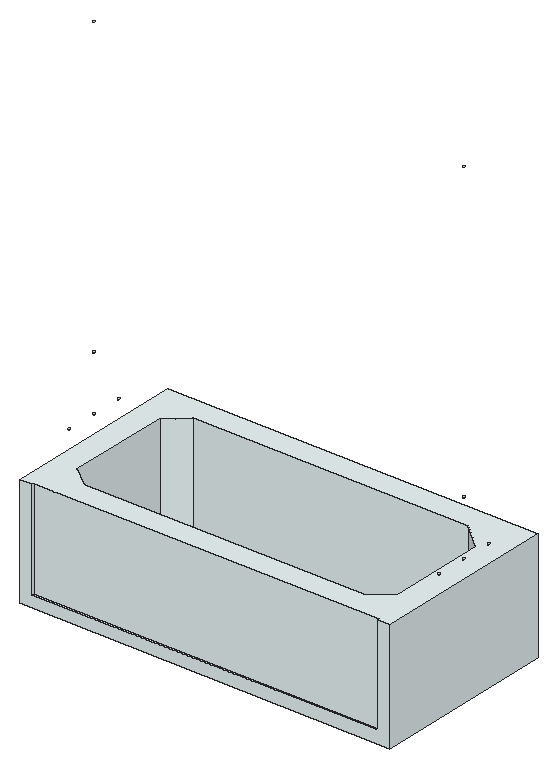
Revit family "Bathtub", category Plumbing Fixtures, Revit 2026
Family settings
  Round Connector Dimension = Use Diameter
  Part Type = Normal
  Classification Number = 23.45.05.14.21
  Work Plane-Based = Yes
  Enable Cutting in Views = No
  Always vertical = Yes
  Cut with Voids When Loaded = No
  Maintain Annotation Orientation = No
  Shared = Yes
  Room Calculation Point = No
Parameters
  Waste Connection = yes
  Warranty Duration (Years) = 10
  Vent Connection = no
  Tub Spout Height = 1' - 9"
  Test Data = ""
  Specification = "http://www.arcat.com/divs/sec/sec15410.shtml"
  Shower Head Height [instance] = 6' - 6"
  Sales Information = ""
  Right Handed [instance] = yes
  Rad A = Width * 0.38229  # 0' - 11 15/32"
  Product Properties = "http://www.arcat.com/bim/bim_info.pl?fn=Bathtub"
  Product Data = "http://www.arcat.com/divs/sec/sec15410.shtml"
  Perimeter = 0' - 4"
  Model = "Generic"  # constant formula
  Material - Bath Fittings = ARCAT - Fiberglass
  Manufacturer Website = "http://www.arcat.com/"
  Manufacturer Phone - Toll Free = ""
  Manufacturer Phone = "(203) 929-9444"  # constant formula
  Manufacturer Fax = "(203) 939-2444"  # constant formula
  Manufacturer Email = "bim@arcat.com"  # constant formula
  Manufacturer Address = "1077 Bridgeport Ave, Shelton, CT  06484"  # constant formula
  Manufacturer = "Generic"  # constant formula
  Maintenance Schedule (Months) = 12
  Length = 5' - 0"
  Keynote = "15410"
  Description = "Bathtub"
  Connections - Supply [instance] = Plumbing-Connector : Sweat-Sweat -C-C 050
  Left Handed [instance] = yes
  Installation_Fabrication = ""
  Installation Phase = ""
  Tub Depth = 1' - 6"
  HW Connection = yes
  Green Building - LEED = "http://www.arcat.com/green/green_building.shtml"
  Finish - Bath Fixtures = ARCAT - Metal - Brass
  Finish - Bath Fittings = ARCAT - Enamel Coating - Azure
  Expected Lifespan (Years) = 20
  Drawn By = "Robert S. Weygant. CSI, CDT, SCIP"  # constant formula
  Connections - Drain [instance] = Plumbing-Connector : Weld-Weld -PVC-PVC 150
  Width = 2' - 6"
  Default Elevation = 4' - 0"
  Copyright = "2008, ARCAT, Inc."  # constant formula
  Control Height = 2' - 6"
  Construction Details = "http://www.arcat.com/divs/sec/sec15410.shtml"
  CW Connection = yes
  Building Codes = ""
  Assembly Code = "D2010510"
Reference planes (in)
  plane 1 "Center": y = 2
  plane 2: z = 0
  plane 3 "Center (Left/Right)": x = 0
  plane 4: y = 17
  plane 5: y = -13
  plane 6 "Left Hand": x = -30
  plane 7 "Right Hand": x = 30
  plane 8: z = 18
  plane 9: y = 0
  plane 10: x = 0
  plane 11: y = 17
  plane 12: y = -17
  plane 13: y = -2.875
  plane 14: y = 0
  plane 15: x = 0
  plane 16: y = 17
  plane 17: y = -17
  plane 18: y = -2.875
  plane 19: z = 78
  plane 20: z = 30
  plane 21: z = 21
  plane 22 "Drain Level": z = 2
  plane 23: x = -16
  plane 24: x = 16
Forms (in)
  Extrusion 1, void
    sketch origin (-28.00513, 0, 0) x (0, 1, 0) y (0, 0, 1)
      loop
        line (-13, 1.71157) -> (-12.75, 1.71157) -> (-12.75, 18) -> (-13, 18) -> (-13, 1.71157)
    from 0 to 56.00513
  Blend 2, void, not visible
    base sketch origin (0, -17, 4) x (1, 0, 0) y (0, 1, 0)
      loop
        arc (-8.24317, 23.42872) -> (-13.64996, 24.34644) -> (-18.73267, 22.28691) r 10.04249
        arc (-18.73267, 22.28691) -> (-21.45427, 14.125) -> (-18.73267, 5.96309) r 13.59934
        arc (-18.73267, 5.96309) -> (-13.64996, 3.90356) -> (-8.24317, 4.82128) r 10.04249
        arc (-8.24317, 4.82128) -> (0, 5.93578) -> (8.24317, 4.82128) r 31.04162
        arc (8.24317, 4.82128) -> (13.64996, 3.90356) -> (18.73267, 5.96309) r 10.04249
        arc (18.73267, 5.96309) -> (21.45427, 14.125) -> (18.73267, 22.28691) r 13.59934
        arc (18.73267, 22.28691) -> (13.64996, 24.34644) -> (8.24317, 23.42872) r 10.04249
        arc (8.24317, 23.42872) -> (0, 22.31422) -> (-8.24317, 23.42872) r 31.04162
    top sketch origin (0, -17, 4) x (1, 0, 0) y (0, 1, 0)
      loop
        arc (-20.23064, 4.6286) -> (-14.2197, 1.96946) -> (-7.71207, 2.89309) r 11.94417
        arc (-7.71207, 2.89309) -> (0, 3.93578) -> (7.71207, 2.89309) r 29.04162
        arc (7.71207, 2.89309) -> (14.2197, 1.96946) -> (20.23064, 4.6286) r 11.94417
        arc (20.23064, 4.6286) -> (23.45341, 14.125) -> (20.23064, 23.6214) r 15.6027
        arc (20.23064, 23.6214) -> (14.2197, 26.28054) -> (7.71207, 25.35691) r 11.94417
        arc (7.71207, 25.35691) -> (0, 24.31422) -> (-7.71207, 25.35691) r 29.04162
        arc (-7.71207, 25.35691) -> (-14.2197, 26.28054) -> (-20.23064, 23.6214) r 11.94417
        arc (-20.23064, 23.6214) -> (-23.45341, 14.125) -> (-20.23064, 4.6286) r 15.6027
    from 0 to 13
  Blend 3, void, not visible
    base sketch origin (0, -17, 4) x (1, 0, 0) y (0, 1, 0)
      loop
        arc (-8.24317, 23.42872) -> (-13.64996, 24.34644) -> (-18.73267, 22.28691) r 10.04249
        arc (-18.73267, 22.28691) -> (-21.45427, 14.125) -> (-18.73267, 5.96309) r 13.59934
        arc (-18.73267, 5.96309) -> (-13.64996, 3.90356) -> (-8.24317, 4.82128) r 10.04249
        arc (-8.24317, 4.82128) -> (0, 5.93578) -> (8.24317, 4.82128) r 31.04162
        arc (8.24317, 4.82128) -> (13.64996, 3.90356) -> (18.73267, 5.96309) r 10.04249
        arc (18.73267, 5.96309) -> (21.45427, 14.125) -> (18.73267, 22.28691) r 13.59934
        arc (18.73267, 22.28691) -> (13.64996, 24.34644) -> (8.24317, 23.42872) r 10.04249
        arc (8.24317, 23.42872) -> (0, 22.31422) -> (-8.24317, 23.42872) r 31.04162
    top sketch origin (0, -17, 4) x (1, 0, 0) y (0, 1, 0)
      loop
        arc (-20.23064, 4.6286) -> (-14.2197, 1.96946) -> (-7.71207, 2.89309) r 11.94417
        arc (-7.71207, 2.89309) -> (0, 3.93578) -> (7.71207, 2.89309) r 29.04162
        arc (7.71207, 2.89309) -> (14.2197, 1.96946) -> (20.23064, 4.6286) r 11.94417
        arc (20.23064, 4.6286) -> (23.45341, 14.125) -> (20.23064, 23.6214) r 15.6027
        arc (20.23064, 23.6214) -> (14.2197, 26.28054) -> (7.71207, 25.35691) r 11.94417
        arc (7.71207, 25.35691) -> (0, 24.31422) -> (-7.71207, 25.35691) r 29.04162
        arc (-7.71207, 25.35691) -> (-14.2197, 26.28054) -> (-20.23064, 23.6214) r 11.94417
        arc (-20.23064, 23.6214) -> (-23.45341, 14.125) -> (-20.23064, 4.6286) r 15.6027
    from 0 to 13
  Extrusion 4, solid, material "ARCAT - Enamel Coating - Azure" <- "Finish - Bath Fittings"
    sketch origin (0, 0, 0) x (1, 0, 0) y (0, 1, 0)
      loop
        line (-30, 17) -> (-30, -13) -> (30, -13) -> (30, 17) -> (-30, 17)
      loop
        line (-22.82179, 13) -> (-26, 10.42634) -> (-26, -6.41187) -> (-22.80393, -9) -> (22.80393, -9) -> (26, -6.41187) -> (26, 9.48326) -> (21.86086, 13) -> (-22.82179, 13)
    from 0 to 18
  Extrusion 5, solid, material "ARCAT - Enamel Coating - Azure" <- "Finish - Bath Fittings"
    sketch origin (0, 0, 0) x (1, 0, 0) y (0, 1, 0)
      loop
        line (-30, 17) -> (-30, -13) -> (30, -13) -> (30, 17) -> (-30, 17)
    from 0 to 2
Cuts and joins
  Extrusion 1 cuts Extrusion 4
  joined: Extrusion 4, Extrusion 5
Dimensions and locks (in)
  "Length": plane 6 "Left Hand" to plane 7 "Right Hand"
  equal spacing: plane 6 "Left Hand", plane 3 "Center (Left/Right)", plane 7 "Right Hand"
  "Tub Depth": plane 8 to level
  "Width": plane 4 to plane 5
  "Shower Head Height": plane 19 to level
  "Control Height": plane 20 to level
  "Tub Spout Height": plane 21 to level
  equal spacing: plane 4, plane 1 "Center", plane 5
  locked: plane 23 to plane 6 "Left Hand" at 14
  locked: plane 7 "Right Hand" to plane 24 at 14
  equal spacing: nested 10, plane 1 "Center", nested 9, locked at 5 each
  equal spacing: nested 11, plane 1 "Center", nested 12, locked at 5 each
  "Perimeter": cut or joined group of Extrusion 1, Extrusion 4, Extrusion 5 to cut or joined group of Extrusion 1, Extrusion 4, Extrusion 5  (x4)
  aligned and locked: Extrusion 4 sketch curve to plane 4
  aligned and locked: Extrusion 4 sketch curve to plane 6 "Left Hand"
  aligned and locked: Extrusion 4 sketch curve to plane 7 "Right Hand"
  aligned and locked: Extrusion 4 sketch curve to plane 5
  aligned and locked: Extrusion 5 sketch curve to plane 4
  aligned and locked: Extrusion 5 sketch curve to plane 6 "Left Hand"
  aligned and locked: Extrusion 5 sketch curve to plane 5
  aligned and locked: Extrusion 5 sketch curve to plane 7 "Right Hand"
  aligned and locked: nested 3 to plane 21
  aligned and locked: plane 1 "Center" to nested 3
  aligned and locked: nested 2 to plane 20
  aligned and locked: plane 1 "Center" to nested 2
  aligned and locked: nested 1 to plane 19
  aligned and locked: plane 1 "Center" to nested 1
  aligned and locked: nested 6 to plane 19
  aligned and locked: plane 1 "Center" to nested 6
  aligned and locked: nested 5 to plane 20
  aligned and locked: plane 1 "Center" to nested 5
  aligned and locked: nested 4 to plane 21
  aligned and locked: plane 1 "Center" to nested 4
  aligned and locked: plane 22 "Drain Level" to cut or joined group of Extrusion 1, Extrusion 4, Extrusion 5
  aligned and locked: plane 22 "Drain Level" to nested 7
  aligned and locked: plane 23 to nested 7
  aligned and locked: plane 24 to nested 8
  aligned and locked: plane 22 "Drain Level" to nested 8
  aligned and locked: nested 9 to plane 21
  aligned and locked: nested 10 to plane 21
  aligned and locked: nested 12 to plane 21
  aligned and locked: nested 11 to plane 21
  aligned and locked: plane 8 to cut or joined group of Extrusion 1, Extrusion 4, Extrusion 5  (x2)
Automatic sketch dimensions
  Blend 2 sketch curve to Blend 2 sketch curve = 0' - 4.7083"  (x2)
  Blend 2 sketch curve to Blend 2 sketch curve = 0' - 0"  (x4)
  Blend 2 sketch curve to Blend 2 sketch curve = 0' - 6.16944"  (x4)
  Blend 2 sketch curve to Blend 2 sketch curve = 0' - 4.32006"
  Blend 2 sketch curve to Blend 2 sketch curve = 0' - 4.7288"  (x2)
  Blend 2 sketch curve to Blend 2 sketch curve = 0' - 8.39983"
  Blend 2 sketch curve to Blend 2 sketch curve = 0' - 7.65113"  (x2)
  Blend 2 sketch curve to Blend 2 sketch curve = 0' - 0.38824"  (x3)
  Blend 2 sketch curve to Blend 2 sketch curve = 0' - 8.24317"  (x2)
  Blend 2 sketch curve to Blend 2 sketch curve = 1' - 3.70986"
  Blend 2 sketch curve to Blend 2 sketch curve = 2' - 5.92712"  (x2)
  Blend 2 sketch curve to Blend 2 sketch curve = 0' - 1.14181"  (x2)
  Blend 2 sketch curve to Blend 2 sketch curve = 0' - 0.23792"  (x2)
  Blend 2 sketch curve to plane 13 = 0' - 0"  (x2)
  Blend 2 sketch curve to plane 13 = 0' - 9.4964"  (x2)
  plane 13 to Blend 2 sketch curve = 0' - 9.4964"  (x2)
  Blend 2 sketch curve to Blend 2 sketch curve = 0' - 0.13864"  (x3)
  Blend 2 sketch curve to Blend 2 sketch curve = 0' - 7.71207"  (x2)
  Blend 2 sketch curve to Blend 2 sketch curve = 1' - 3.42413"  (x2)
  Blend 2 sketch curve to plane 13 = 0' - 11.23191"
  Blend 2 sketch curve to Blend 2 sketch curve = 2' - 3.99893"  (x2)
  plane 13 to Blend 2 sketch curve = 0' - 0.32452"
  Blend 3 sketch curve to Blend 3 sketch curve = 0' - 4.7083"  (x2)
  Blend 3 sketch curve to Blend 3 sketch curve = 0' - 0"  (x4)
  Blend 3 sketch curve to Blend 3 sketch curve = 0' - 6.16944"  (x4)
  Blend 3 sketch curve to Blend 3 sketch curve = 0' - 4.32006"
  Blend 3 sketch curve to Blend 3 sketch curve = 0' - 4.7288"  (x2)
  Blend 3 sketch curve to Blend 3 sketch curve = 0' - 8.39983"
  Blend 3 sketch curve to Blend 3 sketch curve = 0' - 7.65113"  (x2)
  Blend 3 sketch curve to Blend 3 sketch curve = 0' - 0.38824"  (x3)
  Blend 3 sketch curve to Blend 3 sketch curve = 0' - 8.24317"  (x2)
  Blend 3 sketch curve to Blend 3 sketch curve = 1' - 3.70986"
  Blend 3 sketch curve to Blend 3 sketch curve = 2' - 5.92712"  (x2)
  Blend 3 sketch curve to Blend 3 sketch curve = 0' - 1.14181"  (x2)
  Blend 3 sketch curve to Blend 3 sketch curve = 0' - 0.23792"  (x2)
  Blend 3 sketch curve to plane 18 = 0' - 0"  (x2)
  Blend 3 sketch curve to plane 18 = 0' - 9.4964"  (x2)
  plane 18 to Blend 3 sketch curve = 0' - 9.4964"  (x2)
  Blend 3 sketch curve to Blend 3 sketch curve = 0' - 0.13864"  (x3)
  Blend 3 sketch curve to Blend 3 sketch curve = 0' - 7.71207"  (x2)
  Blend 3 sketch curve to Blend 3 sketch curve = 1' - 3.42413"  (x2)
  Blend 3 sketch curve to plane 18 = 0' - 11.23191"
  Blend 3 sketch curve to Blend 3 sketch curve = 2' - 3.99893"  (x2)
  plane 18 to Blend 3 sketch curve = 0' - 0.32452"
  Extrusion 1 sketch curve to plane 5 = 0' - 0"
  plane 5 to Extrusion 1 sketch curve = 0' - 0 1/4"
  level to Extrusion 1 sketch curve = 0' - 1.71157"
  Extrusion 1 sketch curve to Extrusion 1 sketch curve = 1' - 4.28843"
  plane 6 "Left Hand" to Extrusion 4 sketch curve = 0' - 4"
  Extrusion 4 sketch curve to Extrusion 4 sketch curve = 0' - 3.17821"
  Extrusion 4 sketch curve to Extrusion 4 sketch curve = 0' - 3.19607"  (x2)
  plane 5 to Extrusion 4 sketch curve = 0' - 4"
  Extrusion 4 sketch curve to Extrusion 4 sketch curve = 0' - 2.58813"  (x2)
  Extrusion 4 sketch curve to plane 1 "Center" = 0' - 8.42634"
  Extrusion 4 sketch curve to plane 1 "Center" = 0' - 7.48326"
  Extrusion 4 sketch curve to Extrusion 4 sketch curve = 0' - 2.57366"
  plane 24 to Extrusion 4 sketch curve = 0' - 6.80393"
  plane 24 to Extrusion 4 sketch curve = 0' - 5.86086"
Nested families (in)
  nested 1: "Plumbing-Connector" at (-29.5, 3.5, 79.92656) x (0, -1, 0) z (0, 0, 1), type <- "Connections - Supply", visible <- "Left Handed", type "Sweat-Sweat -C-C 050"
  nested 2: "Plumbing-Connector" at (-29.5, 3.5, 31.92656) x (0, -1, 0) z (0, 0, 1), type <- "Connections - Supply", visible <- "Left Handed", type "Sweat-Sweat -C-C 050"
  nested 3: "Plumbing-Connector" at (-29.5, 3.5, 22.92656) x (0, -1, 0) z (0, 0, 1), type <- "Connections - Supply", visible <- "Left Handed", type "Sweat-Sweat -C-C 050"
  nested 4: "Plumbing-Connector" at (30.5, 3.5, 22.92656) x (0, -1, 0) z (0, 0, 1), visible <- "Right Handed", type <- "Connections - Supply", type "Sweat-Sweat -C-C 050"
  nested 5: "Plumbing-Connector" at (30.5, 3.5, 31.92656) x (0, -1, 0) z (0, 0, 1), visible <- "Right Handed", type <- "Connections - Supply", type "Sweat-Sweat -C-C 050"
  nested 6: "Plumbing-Connector" at (30.5, 3.5, 79.92656) x (0, -1, 0) z (0, 0, 1), visible <- "Right Handed", type <- "Connections - Supply", type "Sweat-Sweat -C-C 050"
  nested 7: "Plumbing-Connector" at (-17.5, 2.5, 3.92656), type <- "Connections - Drain", visible <- "Left Handed", type "Weld-Weld -PVC-PVC 150"
  nested 8: "Plumbing-Connector" at (14.5, 2.5, 3.92656), type <- "Connections - Drain", visible <- "Right Handed", type "Weld-Weld -PVC-PVC 150"
  nested 9: "Plumbing-Connector" at (-29.5, -1.5, 22.92656) x (0, -1, 0) z (0, 0, 1), type <- "Connections - Supply", visible <- "HW Connection", type "Sweat-Sweat -C-C 050"
  nested 10: "Plumbing-Connector" at (-29.5, 8.5, 22.92656) x (0, -1, 0) z (0, 0, 1), type <- "Connections - Supply", visible <- "CW Connection", type "Sweat-Sweat -C-C 050"
  nested 11: "Plumbing-Connector" at (30.5, 8.5, 22.92656) x (0, -1, 0) z (0, 0, 1), type <- "Connections - Supply", visible <- "HW Connection", type "Sweat-Sweat -C-C 050"
  nested 12: "Plumbing-Connector" at (30.5, -1.5, 22.92656) x (0, -1, 0) z (0, 0, 1), type <- "Connections - Supply", visible <- "CW Connection", type "Sweat-Sweat -C-C 050"
Definition of nested family "Plumbing-Connector"
  Parameters
    Waste Connection = no
    Warranty Duration (Years) = 0
    Vent Connection = no
    Type Comments = "Plumbing Connection"
    Test Data = ""
    Specification = "http://www.arcat.com/divs/sec/sec15000.shtml"
    Sales Information = ""
    Product Properties = "http://www.arcat.com/bim/bim_info.pl?fn=Plumbing-Connector"
    Product Data = "http://www.arcat.com/divs/sec/sec15000.shtml"
    Pipe Diameter [instance] = 0' - 4"
    Outlet Material [instance] = none
    Outlet Connection [instance] = "Crimp"
    Model = "Generic"  # constant formula
    Mixing Valve = no
    Manufacturer Website = "http://www.arcat.com/"
    Manufacturer Phone - Toll Free = ""
    Manufacturer Phone = "(203) 929-9444"  # constant formula
    Manufacturer Fax = "(203) 939-2444"  # constant formula
    Manufacturer Email = "bim@arcat.com"  # constant formula
    Manufacturer Address = "1077 Bridgeport Ave, Shelton, CT  06484"  # constant formula
    Manufacturer = "Generic"  # constant formula
    Maintenance Schedule (Months) = 0
    Keynote = "15000"
    Installation_Fabricaton = ""
    Installation Phase = ""
    Inlet Material [instance] = none
    Inlet Connection [instance] = "Threaded"
    HW Connection = no
    Green Building-LEED = "http://www.arcat.com/green/green_building.shtml"
    Expected Lifespan (Years) = 0
    Drawn By = "Robert S. Weygant. CSI, CDT, SCIP"  # constant formula
    Description = ""
    Default Elevation = 4' - 0"
    Copyright = "2008, ARCAT, Inc."  # constant formula
    Construction Details = "http://www.arcat.com/divs/sec/sec15000.shtml"
    CW Connection = yes
    Building Codes = ""
    Assembly Code = "D2090900"
  Reference planes (in)
    plane 1 "Center (TB)": z = -1.92656
    plane 2 "Center (Left/Right)": x = 1.5
    plane 3 "Center (FB)": y = -0.5
    plane 4: x = -0.5
    plane 5: x = 3.5
    plane 6: y = 1.5
    plane 7: y = -2.5
    plane 8: z = 0.07344
    plane 9: z = -3.92656
  Forms (in)
    Revolve 1, solid
      sketch origin (0, 0, -1.92656) x (1, 0, 0) y (0, 1, 0)
        loop
          line (1.5, -0.375) -> (1.5, -0.625)
          arc (1.5, -0.625) -> (1.625, -0.5) -> (1.5, -0.375) r 0.125
        axis (1.5, -0.375) -> (1.5, -0.625)
      angle from 0 to 360
  Lines and regions (in)
    model lines, not visible
      curve 1: line (0, 0.5, 0) -> (0, -0.5, 0)
      curve 2: line (-0.5, 0, 0) -> (0.5, 0, 0)
    model lines, visible <- "CW Connection"
      curve 3: line (1.5, -0.5, -3.92656) -> (1.5, -0.5, 0.07344)
      curve 8: line (-0.5, -0.5, -1.92656) -> (3.5, -0.5, -1.92656)
      curve 13: line (1.5, 1.5, -1.92656) -> (1.5, -2.5, -1.92656)
    model lines, visible <- "Waste Connection"
      curve 4: line (1.5, -0.5, -3.92656) -> (1.5, -0.5, 0.07344)
      curve 9: line (-0.5, -0.5, -1.92656) -> (3.5, -0.5, -1.92656)
      curve 14: line (1.5, 1.5, -1.92656) -> (1.5, -2.5, -1.92656)
    model lines, visible <- "HW Connection"
      curve 5: line (1.5, -0.5, -3.92656) -> (1.5, -0.5, 0.07344)
      curve 10: line (-0.5, -0.5, -1.92656) -> (3.5, -0.5, -1.92656)
      curve 15: line (1.5, 1.5, -1.92656) -> (1.5, -2.5, -1.92656)
    model lines, visible <- "Mixing Valve"
      curve 6: line (1.5, -0.5, -3.92656) -> (1.5, -0.5, 0.07344)
      curve 11: line (-0.5, -0.5, -1.92656) -> (3.5, -0.5, -1.92656)
      curve 16: line (1.5, 1.5, -1.92656) -> (1.5, -2.5, -1.92656)
    model lines, visible <- "Vent Connection"
      curve 7: line (1.5, -0.5, -3.92656) -> (1.5, -0.5, 0.07344)
      curve 12: line (-0.5, -0.5, -1.92656) -> (3.5, -0.5, -1.92656)
      curve 17: line (1.5, 1.5, -1.92656) -> (1.5, -2.5, -1.92656)
  Dimensions and locks (in)
    equal spacing: plane 4, plane 2 "Center (Left/Right)", plane 5
    equal spacing: plane 6, plane 3 "Center (FB)", plane 7
    "Pipe Diameter": plane 4 to plane 5
    "Pipe Diameter": plane 6 to plane 7
    equal spacing: plane 8, plane 1 "Center (TB)", plane 9
    "Pipe Diameter": plane 8 to plane 9
    aligned and locked: plane 9 to curve 3
    aligned and locked: plane 2 "Center (Left/Right)" to curve 3
    aligned and locked: plane 8 to curve 3
    aligned and locked: plane 2 "Center (Left/Right)" to curve 4
    aligned and locked: plane 2 "Center (Left/Right)" to curve 5
    aligned and locked: plane 2 "Center (Left/Right)" to curve 6
    aligned and locked: plane 2 "Center (Left/Right)" to curve 7
    aligned and locked: plane 4 to curve 8
    aligned and locked: plane 5 to curve 8
    aligned and locked: plane 3 "Center (FB)" to curve 8
    aligned and locked: plane 3 "Center (FB)" to curve 9
    aligned and locked: plane 3 "Center (FB)" to curve 10
    aligned and locked: plane 3 "Center (FB)" to curve 11
    aligned and locked: plane 3 "Center (FB)" to curve 12
    aligned and locked: plane 6 to curve 13
    aligned and locked: curve 13 to plane 2 "Center (Left/Right)"
    aligned and locked: plane 7 to curve 13
    aligned and locked: curve 14 to plane 2 "Center (Left/Right)"
    aligned and locked: curve 15 to plane 2 "Center (Left/Right)"
    aligned and locked: curve 16 to plane 2 "Center (Left/Right)"
    aligned and locked: curve 17 to plane 2 "Center (Left/Right)"
    aligned and locked: level to plane 1 "Center (TB)"
  Automatic sketch dimensions
    Revolve 1 sketch curve to plane 2 "Center (Left/Right)" = 0' - 0"  (x2)
    Revolve 1 sketch curve to plane 3 "Center (FB)" = 0' - 0"
    Revolve 1 sketch curve to Revolve 1 sketch curve = 0' - 0 1/8"
    Revolve 1 sketch curve to plane 7 = 4' - 9 1/2"
    plane 6 to Revolve 1 sketch curve = 4' - 8.8714"
    curve 6 to plane 8 = 0' - 0"
    curve 4 to plane 8 = 0' - 0"
    curve 5 to plane 8 = 0' - 0"
    curve 7 to plane 8 = 0' - 0"
    curve 4 to plane 9 = 0' - 0"
    curve 7 to plane 9 = 0' - 0"
    curve 6 to plane 9 = 0' - 0"
    curve 5 to plane 9 = 0' - 0"
    curve 17 to plane 6 = 0' - 0"
    curve 17 to plane 7 = 0' - 0"
    curve 16 to plane 7 = 0' - 0"
    curve 16 to plane 6 = 0' - 0"
    curve 15 to plane 6 = 0' - 0"
    curve 15 to plane 7 = 0' - 0"
    curve 14 to plane 6 = 0' - 0"
    curve 14 to plane 7 = 0' - 0"
    curve 10 to plane 4 = 0' - 0"
    curve 9 to plane 4 = 0' - 0"
    curve 11 to plane 4 = 0' - 0"
    curve 12 to plane 4 = 0' - 0"
    curve 10 to plane 5 = 0' - 0"
    curve 9 to plane 5 = 0' - 0"
    curve 11 to plane 5 = 0' - 0"
    curve 12 to plane 5 = 0' - 0"
